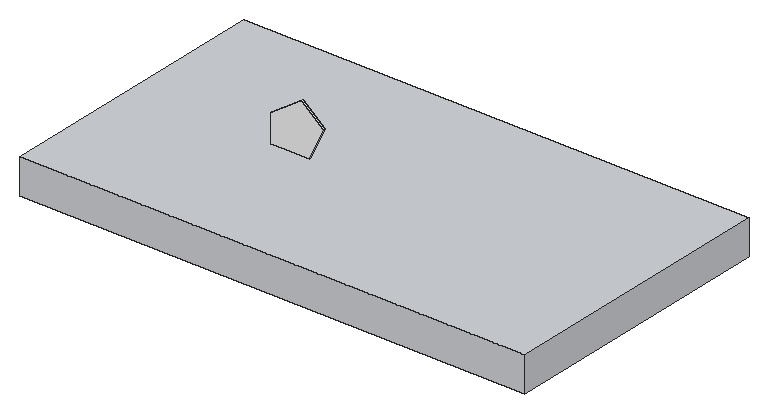
Revit family "M_Placa de gorjal-Diferenciada 1", category Conexões estruturais, Revit 2019
Family settings
  Hospedeiro = Face
  Material para o comportamento do modelo = Outros
  Número OmniClass = 23.20.40.11.21
  Título OmniClass = Mechanical Fasteners for Metal Structures
  ID de item do Seek = Gusset Plate-Odd 1-0000-CAN-ENU
  Ativar corte em vistas = Não
  Corte com vazios quando carregada = Não
  Compartilhado = Não
Parameters (values of type "Padrão")
  Espessura [instance] = 12.5 mm
  Material da placa = Metal - Aço 345 MPa
  Comprimento do chanfro [instance] = 250 mm
  Comprimento [instance] = 460 mm
  L1 [instance] = Comprimento do chanfro * sin(Ângulo)  # 191.511 mm
  Altura [instance] = 430 mm
  H1 [instance] = Comprimento do chanfro * cos(Ângulo)  # 160.697 mm
  Elevação-padrão = 1200 mm
  Ângulo [instance] = 50.00°
  Ângulo 2 [instance] = 15.00°
  Ângulo 1 [instance] = 15.00°
Reference planes
  plane 1 "Centro (Frente/Trás)": y = 0
  plane 2: z = 0
  plane 3 "Centro (Esquerda/Direita)": x = 0
  plane 4: z = 430
  plane 5: y = 6.25
  plane 6: y = -6.25
  plane 7: x = 460
  plane 8: x = 0
  plane 9: z = 430
  plane 10: x = 460
  plane 11: x = 268.489
  plane 12: z = 269.303
Forms (mm)
  Extrusion 1, solid
    sketch origin (0, 0, 0) x (1, 0, 0) y (0, 1, 0)
      loop
        line (-1219.2, 1219.2) -> (-1219.2, -1219.2) -> (3185.238, -1219.2) -> (3185.238, 1219.2) -> (-1219.2, 1219.2)
    from 0 to -304.8
  Extrusion 2, solid, material "Metal - Aço 345 MPa" <- "Material da placa"
    sketch origin (0, 0, 0) x (1, 0, 0) y (0, 0, 1)
      loop
        line (268.489, 430) -> (0, 242.002) -> (0, 0) -> (334.422, 0) -> (460, 269.303) -> (268.489, 430)
    from -6.25 to 6.25
Lines and regions (mm)
  reference lines
    curve 1: line (0, 0, 0) -> (360.813, 0, 430)
Dimensions and locks
  "Altura": plane 4 to plane 2
  equal spacing: plane 6, plane 1 "Centro (Frente/Trás)", plane 5
  "Espessura": plane 6 to plane 5
  "Comprimento": plane 8 to plane 7
  "H1": plane 4 to plane 12
  "L1": plane 7 to plane 11
  "Comprimento do chanfro": Extrusion 2 to Extrusion 2
  "Ângulo": angle plane 2 to curve 1
  "Ângulo 1": angle Extrusion 2 sketch curve to curve 1
  "Ângulo 2": angle curve 1 to Extrusion 2 sketch curve
  aligned and locked: Extrusion 1 to plane 2
  aligned and locked: Extrusion 1 to level
  aligned and locked: plane 5 to Extrusion 2
  aligned and locked: plane 6 to Extrusion 2
  aligned and locked: plane 4 to curve 1
  aligned and locked: plane 3 "Centro (Esquerda/Direita)" to curve 1
  aligned and locked: plane 2 to curve 1
  aligned and locked: plane 8 to plane 3 "Centro (Esquerda/Direita)"
  aligned and locked: plane 4 to plane 9
  aligned and locked: plane 10 to plane 7
  aligned and locked: Extrusion 1 to Extrusion 2 sketch curve
  aligned and locked: plane 12 to Extrusion 2 sketch curve
  aligned and locked: plane 7 to Extrusion 2 sketch curve
  aligned and locked: plane 11 to Extrusion 2 sketch curve
  aligned and locked: plane 8 to Extrusion 2 sketch curve
  aligned and locked: plane 4 to Extrusion 2 sketch curve
Automatic sketch dimensions
  Extrusion 1 sketch curve to Extrusion 1 sketch curve = 4404.438 mm
  Extrusion 1 sketch curve to Extrusion 1 sketch curve = 2438.4 mm
